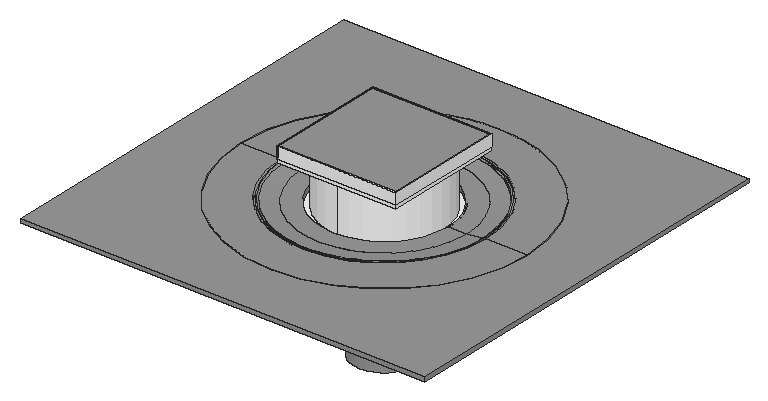
Revit family "HL_RU_Roof drain_HL62BH-B-221103", category Sanitärinstallationen, Revit 2020
Family settings
  Bemaßung runder Anschluss = Durchmesser verwenden
  Teiletyp = Normal
  OmniClass-Nummer = 23.70.50.21.24.14
  OmniClass-Titel = Deck Waste Water Drains
  Arbeitsebenenbasiert = Nein
  Immer vertikal = Ja
  Beim Laden mit Abzugskörper schneiden = Nein
  Gemeinsam genutzt = Nein
  Raumberechnungspunkt = Ja
Parameters (values of type "HL_Кровельная воронка_HL62BH_7")
  РЕШЁТКА = "Edelstahl 137x137mm"
  РАЗМЕР = "DN75"
  ПРОПУСКНАЯ СПОСОБНОСТЬ [instance] = 0.0 L/s
  ПРОИЗВОДИТЕЛЬНОСТЬ = "6,0 l/s"
  ПРАВОВАЯ ИНФОРМАЦИЯ = "Авторские права(©), права на дизайн или какие либо другие права интелектуальной собственности являются исключительной собственностью компании HL Hutterer & Lechner. Изменению не подлежит. Файл семейства с данными о прозводителе изделия защищен паролем с водяным знаком."
  НОМИНАЛЬНЫЙ ДИАМЕТР = 75 mm
  НАСАДКА = "12-65mm/148x148mm"
  МАТЕРИАЛ = "PP"
  МАКСИМАЛЬНАЯ НАГРУЗКА КЛАССА = "K - 300 kg"
  ВЫСОТА МОНТАЖА = "120 mm"
  ВЕС = "2,1 [kg]"
  Vorgabe-Ansicht = 0 mm
  Hersteller = "HL Hutterer & Lechner GmbH"  # constant formula
  URL = "http://www.hutterer-lechner.com/ru/products/catalog/roof-drains/HL62BH/7.aspx"
  Материал плитка [instance] = none
  Lüftungsverbindung = no
  Abwasserrohrverbindung = yes
  HW-Verbindung = no
  KW-Verbindung = no
  Beschreibung = "Кровельные воронки"
  Model = "HL62BH_7"
  Assembly Code = " "
  Typenkommentare = "HL62BH/7 Кровельная воронка DN75 с битумным полотном. Проходная _ 148х148мм/137х137мм.,"
  Keynote = "HL62BH_7"
  Bысота монтажа [instance] = 65 mm
  G [instance] = 180.00°  # constant formula
  EAN = "9003076846221"
  D [instance] = if(НОМИНАЛЬНЫЙ ДИАМЕТР = 160 mm, 64.6 mm, 71.7 mm) + Bысота монтажа  # 136.7 mm
  C [instance] = if(Bысота монтажа - 68 mm < 0 mm, 0 mm, Bысота монтажа - 68 mm)  # 0 mm
  B [instance] = 100 mm  # constant formula
  A [instance] = if(B - 100 mm > 15 mm, B - 100 mm, 15 mm)  # 15 mm
Types (5, lengths in mm): name | РАЗМЕР | НОМИНАЛЬНЫЙ ДИАМЕТР | ВЕС | URL | Model | Typenkommentare | Keynote | EAN | D
  (no name) | "DN75" | 75 | "2,1 [kg]" | "http://www.hutterer-lechner.com/ru/products/catalog/roof-drains/HL62BH/7.aspx" | "HL62BH_7" | "HL62BH/7 Кровельная воронка DN75 с битумным полотном. Проходная _ 148х148мм/137х137мм.," | "HL62BH_7" | "9003076846221" | 136.7
  HL_Кровельная воронка_HL62BH_1 | "DN110" | 110 | "2,08 [kg]" | "http://www.hutterer-lechner.com/ru/products/catalog/roof-drains/HL62BH/1.aspx" | "HL62BH_1" | "HL62BH/1 Кровельная воронка DN110 с битумным полотном. Проходная _ 148х148мм/137х137мм.," | "HL62BH_1" | "9003076816224" | 136.7
  HL_Кровельная воронка_HL62BH_2 | "DN125" | 125 | "2,08 [kg]" | "http://www.hutterer-lechner.com/ru/products/catalog/roof-drains/HL62BH/2.aspx" | "HL62BH_2" | "HL62BH/2 Кровельная воронка DN125 с битумным полотном. Проходная _ 148х148мм/137х137мм.," | "HL62BH_2" | "9003076826223" | 136.7
  HL_Кровельная воронка_HL62BH_5 | "DN160" | 160 | "2,11 [kg]" | "http://www.hutterer-lechner.com/ru/products/catalog/roof-drains/HL62BH/5.aspx" | "HL62BH_5" | "HL62BH/5 Кровельная воронка DN160 с битумным полотном. Проходная _ 148х148мм/137х137мм.," | "HL62BH_5" | "9003076836222" | 129.6
  HL_Кровельная воронка_HL62BH_7 | "DN75" | 75 | "2,1 [kg]" | "http://www.hutterer-lechner.com/ru/products/catalog/roof-drains/HL62BH/7.aspx" | "HL62BH_7" | "HL62BH/7 Кровельная воронка DN75 с битумным полотном. Проходная _ 148х148мм/137х137мм.," | "HL62BH_7" | "9003076846221" | 136.7
Reference planes
  plane 1 "Center (Front/Back)": y = 0
  plane 2: z = 0
  plane 3 "Center (Left/Right)": x = 0
  plane 4: z = -100
  plane 5: z = -65
Lines and regions (mm)
  model lines, style "InvisibleLines"
    curve 1: line (0, 0, 0) -> (0, 0, 20)
  model lines, style "PlumbingFixtures", detail levels coarse+medium
    curve 2: line (0, 0, -100) -> (0, 0, -85)
    curve 3: line (0, 0, -85) -> (-85, 0, 0)
    curve 4: line (0, 0, -85) -> (85, 0, 0)
    curve 6: line (0, 0, -100) -> (0, 0, -236.7)
  reference lines, not visible
    curve 5: line (0, 0, -100) -> (0, 0, -236.7)
  symbolic lines, style "PlumbingFixtures", detail levels coarse+medium
    curve 7: line (-75, 75, 0) -> (75, 75, 0)
    curve 8: line (-75, -75, 0) -> (-75, 75, 0)
    curve 9: line (75, -75, 0) -> (-75, -75, 0)
    curve 10: line (75, 75, 0) -> (75, -75, 0)
    curve 11: line (-75, 75, 0) -> (-145.711, 145.711, 0)
    curve 12: line (75, 75, 0) -> (145.711, 145.711, 0)
    curve 13: line (-75, -75, 0) -> (-145.711, -145.711, 0)
    curve 14: line (75, -75, 0) -> (145.711, -145.711, 0)
  symbolic lines, style "PlumbingFixtures", not visible, detail levels coarse+medium
    curve 15: line (-75, 75, 0) -> (75, 75, 0)
    curve 16: line (-75, -75, 0) -> (-75, 75, 0)
    curve 17: line (75, -75, 0) -> (-75, -75, 0)
    curve 18: line (75, 75, 0) -> (75, -75, 0)
    curve 19: line (-75, 75, 0) -> (-145.711, 145.711, 0)
    curve 20: line (75, 75, 0) -> (145.711, 145.711, 0)
    curve 21: line (-75, -75, 0) -> (-145.711, -145.711, 0)
    curve 22: line (75, -75, 0) -> (145.711, -145.711, 0)
Text (mm)
  text "FLOOR" at (-162.344, 0, -10.979), in view "Drain Construction View"
Dimensions and locks
  "B": plane 2 to plane 4
  "Bысота монтажа": plane 2 to plane 5
  "A": curve 4 to plane 4
  "D": curve 5 to curve 5
  "D": curve 6 to curve 6
  locked: curve 4 to plane 3 "Center (Left/Right)" (angle 45.00°)
  locked: plane 3 "Center (Left/Right)" to curve 3 (angle 45.00°)
  "G": angle curve 5 to plane 3 "Center (Left/Right)"
  aligned and locked: level to plane 2
  aligned and locked: plane 2 to curve 4
  aligned and locked: plane 2 to curve 3
  aligned and locked: plane 4 to curve 5
  aligned and locked: plane 3 "Center (Left/Right)" to curve 5
  aligned and locked: plane 4 to curve 2
  aligned and locked: curve 6 to plane 4
  aligned and locked: plane 3 "Center (Left/Right)" to nested 1
  aligned and locked: plane 5 to nested 2
  aligned and locked: plane 2 to nested 1
  aligned and locked: nested 2 to curve 6
Automatic sketch dimensions
  curve 2 to plane 3 "Center (Left/Right)" = 0 mm
  curve 1 to plane 3 "Center (Left/Right)" = 0 mm
  curve 1 to level = 0 mm
  level to curve 1 = 20 mm
Nested families
  nested 1: "HL_Насадка_HL66.9S" at (0, 0, 0), Bысота монтажа <- "Bысота монтажа", type "HL_Grate frame_HL66.9S"
    with L 93 mm, IHmin 12 mm, IHmax 65 mm, Bысота монтажа 65 mm
  nested 2: "HL_кровельные воронки - корпус_HL62H" at (0, 0, -69.9), НОМИНАЛЬНЫЙ ДИАМЕТР <- "НОМИНАЛЬНЫЙ ДИАМЕТР", type "HL_кровельные воронки - корпус_HL62H"
    with НОМИНАЛЬНЫЙ ДИАМЕТР 75 mm, L 65 mm
Connectors
  piping at (0, 0, -236.7), diameter 75, driven by "ПРОПУСКНАЯ СПОСОБНОСТЬ", driven by "НОМИНАЛЬНЫЙ ДИАМЕТР"
    settings: on curve 5, index 1, connector inside diameter 609.6 mm, connector length 0 mm, flow factor 0, pipe flow 0.0 L/s, pressure drop 0.0 Pa, fitting loss kfactor 0, connector angle 0.00°, fixture units 0, engagement length 0 mm, angle of deflection 0.00°, flow configuration 1, flow direction 2, fitting loss method 0, system type 16, joint type 0, gender type 0, connector reference index -1, connector utility 0, adjustable connector yes, is connector primary yes, connector description ""
Definition of nested family "HL_Насадка_HL66.9S"
  Parameters (values of type "HL_Grate frame_HL66.9S")
    РЕШЁТКА = "Edelstahl 138x138mm"
    РАЗМЕР = "d 145 mm"
    ПРАВОВАЯ ИНФОРМАЦИЯ = "Авторские права(©), права на дизайн или какие либо другие права интелектуальной собственности являются исключительной собственностью компании HL Hutterer & Lechner. Изменению не подлежит. Файл семейства с данными о прозводителе изделия защищен паролем с водяным знаком."
    НАСАДКА = "147x147mm"
    МАТЕРИАЛ = "PP"
    МАКСИМАЛЬНАЯ НАГРУЗКА КЛАССА = "K - 300 kg"
    ВЫСОТА МОНТАЖА = "12-65mm"
    Материал плитка = none
    ВЕС = "0,345 [kg]"
    Default Elevation = 0 mm
    L [instance] = if(Bысота монтажа < IHmin, -100 mm, if(Bысота монтажа > IHmax, -100 mm, Bысота монтажа + 28 mm))  # 93 mm
    Manufacturer = "HL Hutterer & Lechner GmbH"
    URL = "http://www.hutterer-lechner.com/ru/products/catalog/roof-drains/HL66.9.aspx"
    Description = "Кровельные воронки"
    Model = "HL66.9"
    Type Comments = "HL66.9, Насадка d 145мм с бороздками/147х147мм/138х138мм"
    Keynote = "HL66.9"
    Bысота монтажа [instance] = 65 mm
    IHmin [instance] = 12 mm
    IHmax [instance] = 65 mm
    EAN = "9003076014606"
    Cost = 0
  Reference planes
    plane 1 "Střed (vpředu/vzadu)": y = 0
    plane 2: z = 0
    plane 3 "Střed (vlevo/vpravo)": x = 0
  Forms (mm)
    Revolve 1, solid, detail levels fine
      sketch origin (0, 0, 128) x (0, 1, 0) y (0, 0, 1)
        loop
          line (72.5, -142) -> (69.248, -142) -> (69.248, -221) -> (72.5, -221) -> (72.5, -142)
        axis (0, -142) -> (0, -221)
      angle from 0 to 360
    Extrusion 2, solid, detail levels fine
      sketch origin (-1.537, 0, -14.6) x (0, 1, 0) y (-1, 0, 0)
        loop
          line (74, 72.459) -> (-74, 72.459) -> (-74, -75.537) -> (74, -75.537) -> (74, 72.459)
        loop
          line (73, 71.463) -> (-73, 71.463) -> (-73, -74.537) -> (73, -74.537) -> (73, 71.463)
      from 0.6 to 14.6
    Extrusion 3, solid, detail levels fine
      sketch origin (-1.537, 0, -14) x (-1, 0, 0) y (0, 1, 0)
        loop
          line (71.463, 73) -> (-74.537, 73) -> (-74.537, -73) -> (71.463, -73) -> (71.463, 73)
        loop
          circle (-1.537, 0) r 72.5
      from 0 to 5
    Extrusion 4, solid, detail levels fine
      sketch origin (-1.537, 0, -14) x (-1, 0, 0) y (0, -1, 0)
        loop
          line (70.95, -72.397) -> (70.95, 72.463) -> (-74.05, 72.463) -> (-74.05, -72.397) -> (70.95, -72.397)
      from 0 to 14
    Revolve 5, solid, detail levels fine
      sketch origin (0, 75.989, -93) x (0, -1, 0) y (0, 0, -1)
        loop
          line (3.489, -20) -> (3.489, 0) -> (0.186, 0) -> (-2.325, -2.511) -> (-2.325, -20) -> (3.489, -20)
        axis (75.989, -20) -> (75.989, 0)
      angle from 0 to 360
  Lines and regions (mm)
    model lines, detail levels fine
      curve 1: line (36.25, 24.325, 0) -> (36.25, -24.42, 0)
      curve 2: line (43.75, -24.42, 0) -> (43.75, 24.325, 0)
      curve 3: line (52.25, 40.306, 0) -> (52.25, -40.355, 0)
      curve 4: line (59.75, -40.355, 0) -> (59.75, 40.306, 0)
      curve 5: line (20.25, 8.588, 0) -> (20.25, -8.684, 0)
      curve 6: line (27.75, -8.684, 0) -> (27.75, 8.588, 0)
      curve 7: arc (27.75, 8.588, 0) -> (24, 12.338, 0) -> (20.25, 8.588, 0) r 3.75
      curve 8: arc (20.25, -8.684, 0) -> (24, -12.434, 0) -> (27.75, -8.684, 0) r 3.75
      curve 9: arc (36.25, -24.42, 0) -> (40, -28.17, 0) -> (43.75, -24.42, 0) r 3.75
      curve 10: arc (43.75, 24.325, 0) -> (40, 28.075, 0) -> (36.25, 24.325, 0) r 3.75
      curve 11: arc (59.75, 40.306, 0) -> (56, 44.056, 0) -> (52.25, 40.306, 0) r 3.75
      curve 12: arc (52.25, -40.355, 0) -> (56, -44.105, 0) -> (59.75, -40.355, 0) r 3.75
      curve 13: line (-24.325, -36.25, 0) -> (24.42, -36.25, 0)
      curve 14: line (24.42, -43.75, 0) -> (-24.325, -43.75, 0)
      curve 15: line (-40.306, -52.25, 0) -> (40.355, -52.25, 0)
      curve 16: line (40.355, -59.75, 0) -> (-40.306, -59.75, 0)
      curve 17: line (-8.588, -20.25, 0) -> (8.684, -20.25, 0)
      curve 18: line (8.684, -27.75, 0) -> (-8.588, -27.75, 0)
      curve 19: arc (-8.588, -27.75, 0) -> (-12.338, -24, 0) -> (-8.588, -20.25, 0) r 3.75
      curve 20: arc (8.684, -20.25, 0) -> (12.434, -24, 0) -> (8.684, -27.75, 0) r 3.75
      curve 21: arc (24.42, -36.25, 0) -> (28.17, -40, 0) -> (24.42, -43.75, 0) r 3.75
      curve 22: arc (-24.325, -43.75, 0) -> (-28.075, -40, 0) -> (-24.325, -36.25, 0) r 3.75
      curve 23: arc (-40.306, -59.75, 0) -> (-44.056, -56, 0) -> (-40.306, -52.25, 0) r 3.75
      curve 24: arc (40.355, -52.25, 0) -> (44.105, -56, 0) -> (40.355, -59.75, 0) r 3.75
      curve 25: line (36.25, -24.42, 0) -> (36.25, 24.325, 0)
      curve 26: line (43.75, 24.325, 0) -> (43.75, -24.42, 0)
      curve 27: line (52.25, -40.355, 0) -> (52.25, 40.306, 0)
      curve 28: line (59.75, 40.306, 0) -> (59.75, -40.355, 0)
      curve 29: line (20.25, -8.684, 0) -> (20.25, 8.588, 0)
      curve 30: line (27.75, 8.588, 0) -> (27.75, -8.684, 0)
      curve 31: arc (27.75, -8.588, 0) -> (24, -12.338, 0) -> (20.25, -8.588, 0) r 3.75
      curve 32: arc (20.25, 8.684, 0) -> (24, 12.434, 0) -> (27.75, 8.684, 0) r 3.75
      curve 33: arc (36.25, 24.42, 0) -> (40, 28.17, 0) -> (43.75, 24.42, 0) r 3.75
      curve 34: arc (43.75, -24.325, 0) -> (40, -28.075, 0) -> (36.25, -24.325, 0) r 3.75
      curve 35: arc (59.75, -40.306, 0) -> (56, -44.056, 0) -> (52.25, -40.306, 0) r 3.75
      curve 36: arc (52.25, 40.355, 0) -> (56, 44.105, 0) -> (59.75, 40.355, 0) r 3.75
      curve 37: line (24.42, -36.25, 0) -> (-24.325, -36.25, 0)
      curve 38: line (-24.325, -43.75, 0) -> (24.42, -43.75, 0)
      curve 39: line (40.355, -52.25, 0) -> (-40.306, -52.25, 0)
      curve 40: line (-40.306, -59.75, 0) -> (40.355, -59.75, 0)
      curve 41: line (8.684, -20.25, 0) -> (-8.588, -20.25, 0)
      curve 42: line (-8.588, -27.75, 0) -> (8.684, -27.75, 0)
      curve 43: arc (8.588, -27.75, 0) -> (12.338, -24, 0) -> (8.588, -20.25, 0) r 3.75
      curve 44: arc (-8.684, -20.25, 0) -> (-12.434, -24, 0) -> (-8.684, -27.75, 0) r 3.75
      curve 45: arc (-24.42, -36.25, 0) -> (-28.17, -40, 0) -> (-24.42, -43.75, 0) r 3.75
      curve 46: arc (24.325, -43.75, 0) -> (28.075, -40, 0) -> (24.325, -36.25, 0) r 3.75
      curve 47: arc (40.306, -59.75, 0) -> (44.056, -56, 0) -> (40.306, -52.25, 0) r 3.75
      curve 48: arc (-40.355, -52.25, 0) -> (-44.105, -56, 0) -> (-40.355, -59.75, 0) r 3.75
      curve 49: line (-36.25, 24.325, 0) -> (-36.25, -24.325, 0)
      curve 50: line (-43.75, -24.325, 0) -> (-43.75, 24.325, 0)
      curve 51: line (-52.25, 40.306, 0) -> (-52.25, -40.306, 0)
      curve 52: line (-59.75, -40.306, 0) -> (-59.75, 40.306, 0)
      curve 53: line (-20.25, 8.588, 0) -> (-20.25, -8.588, 0)
      curve 54: line (-27.75, -8.684, 0) -> (-27.75, 8.588, 0)
      curve 55: arc (-27.75, 8.588, 0) -> (-24, 12.338, 0) -> (-20.25, 8.588, 0) r 3.75
      curve 56: arc (-20.25, -8.684, 0) -> (-24, -12.434, 0) -> (-27.75, -8.684, 0) r 3.75
      curve 57: arc (-43.75, 24.325, 0) -> (-40, 28.075, 0) -> (-36.25, 24.325, 0) r 3.75
      curve 58: arc (-59.75, 40.306, 0) -> (-56, 44.056, 0) -> (-52.25, 40.306, 0) r 3.75
      curve 59: line (-36.25, -24.325, 0) -> (-36.25, 24.325, 0)
      curve 60: line (-43.75, 24.325, 0) -> (-43.75, -24.325, 0)
      curve 61: line (-52.25, -40.306, 0) -> (-52.25, 40.306, 0)
      curve 62: line (-59.75, 40.306, 0) -> (-59.75, -40.306, 0)
      curve 63: line (-20.25, -8.588, 0) -> (-20.25, 8.588, 0)
      curve 64: line (-27.75, 8.588, 0) -> (-27.75, -8.684, 0)
      curve 65: arc (-27.75, -8.588, 0) -> (-24, -12.338, 0) -> (-20.25, -8.588, 0) r 3.75
      curve 66: arc (-20.25, 8.684, 0) -> (-24, 12.434, 0) -> (-27.75, 8.684, 0) r 3.75
      curve 67: arc (-36.25, 24.42, 0) -> (-40, 28.17, 0) -> (-43.75, 24.42, 0) r 3.75
      curve 68: arc (-43.75, -24.325, 0) -> (-40, -28.075, 0) -> (-36.25, -24.325, 0) r 3.75
      curve 69: arc (-59.75, -40.306, 0) -> (-56, -44.056, 0) -> (-52.25, -40.306, 0) r 3.75
      curve 70: arc (-52.25, 40.355, 0) -> (-56, 44.105, 0) -> (-59.75, 40.355, 0) r 3.75
      curve 71: line (-24.42, 36.25, 0) -> (24.325, 36.25, 0)
      curve 72: line (24.42, 43.75, 0) -> (-24.42, 43.75, 0)
      curve 73: line (-40.355, 52.25, 0) -> (40.306, 52.25, 0)
      curve 74: line (40.306, 59.75, 0) -> (-40.355, 59.75, 0)
      curve 75: line (-8.588, 20.25, 0) -> (8.588, 20.25, 0)
      curve 76: line (8.684, 27.75, 0) -> (-8.588, 27.75, 0)
      curve 77: arc (-8.588, 27.75, 0) -> (-12.338, 24, 0) -> (-8.588, 20.25, 0) r 3.75
      curve 78: arc (8.684, 20.25, 0) -> (12.434, 24, 0) -> (8.684, 27.75, 0) r 3.75
      curve 79: arc (24.42, 36.25, 0) -> (28.17, 40, 0) -> (24.42, 43.75, 0) r 3.75
      curve 80: line (24.325, 36.25, 0) -> (-24.42, 36.25, 0)
      curve 81: line (-24.42, 43.75, 0) -> (24.42, 43.75, 0)
      curve 82: line (40.306, 52.25, 0) -> (-40.355, 52.25, 0)
      curve 83: line (-40.355, 59.75, 0) -> (40.306, 59.75, 0)
      curve 84: line (8.588, 20.25, 0) -> (-8.588, 20.25, 0)
      curve 85: line (-8.588, 27.75, 0) -> (8.684, 27.75, 0)
      curve 86: arc (8.588, 27.75, 0) -> (12.338, 24, 0) -> (8.588, 20.25, 0) r 3.75
      curve 87: arc (-8.684, 20.25, 0) -> (-12.434, 24, 0) -> (-8.684, 27.75, 0) r 3.75
      curve 88: arc (-24.42, 36.25, 0) -> (-28.17, 40, 0) -> (-24.42, 43.75, 0) r 3.75
      curve 89: arc (24.325, 43.75, 0) -> (28.075, 40, 0) -> (24.325, 36.25, 0) r 3.75
      curve 90: arc (40.306, 59.75, 0) -> (44.056, 56, 0) -> (40.306, 52.25, 0) r 3.75
      curve 91: arc (-40.355, 52.25, 0) -> (-44.105, 56, 0) -> (-40.355, 59.75, 0) r 3.75
    reference lines
      curve 92: line (0, 75.989, -93) -> (0, -174.011, -93)
  Dimensions and locks
    Extrusion 2 sketch curve to Extrusion 2 sketch curve = 147.996 mm
    Extrusion 2 sketch curve to Extrusion 2 sketch curve = 148 mm
    "L": curve 92 to plane 2
    aligned and locked: level to plane 2
    aligned and locked: Revolve 1 to curve 92
  Automatic sketch dimensions
    plane 1 "Střed (vpředu/vzadu)" to Extrusion 2 sketch curve = 74 mm
    Extrusion 2 sketch curve to Extrusion 2 sketch curve = 1 mm  (x3)
    plane 3 "Střed (vlevo/vpravo)" to Extrusion 2 sketch curve = 74 mm
    Extrusion 2 sketch curve to Extrusion 2 sketch curve = 0.996 mm
    Extrusion 3 sketch curve to Extrusion 2 = 0 mm  (x4)
    Extrusion 3 sketch curve to Extrusion 2 = 73 mm  (x2)
    Extrusion 2 to curve 16 = 13.25 mm
    curve 24 to curve 47 = 3.75 mm
    curve 47 to curve 24 = 0 mm
    curve 48 to curve 23 = 0 mm  (x2)
    curve 23 to curve 38 = 8.5 mm
    curve 24 to curve 12 = 11.895 mm
    curve 12 to curve 35 = 0.048 mm
    curve 15 to curve 69 = 11.944 mm
    curve 22 to curve 45 = 3.75 mm
    curve 21 to curve 46 = 3.75 mm
    curve 46 to curve 21 = 0 mm
    curve 22 to curve 18 = 8.5 mm
    curve 21 to curve 9 = 11.83 mm
    curve 13 to curve 49 = 11.925 mm
    curve 9 to curve 34 = 0.095 mm
    curve 18 to curve 19 = 3.75 mm
    curve 44 to curve 19 = 0 mm  (x2)
    curve 43 to curve 20 = 0 mm
    curve 20 to curve 5 = 11.566 mm
    curve 49 to curve 64 = 15.642 mm
    curve 8 to curve 31 = 0.095 mm
    curve 56 to curve 53 = 0.095 mm
    curve 65 to curve 64 = 17.177 mm
    curve 31 to curve 29 = 17.177 mm
    curve 7 to curve 32 = 0.095 mm
    curve 55 to curve 66 = 0.095 mm
    curve 32 to curve 84 = 11.566 mm
    curve 86 to curve 78 = 3.75 mm
    curve 86 to curve 78 = 0 mm
    curve 77 to curve 87 = 3.75 mm
    curve 87 to curve 77 = 0 mm  (x2)
    curve 66 to curve 60 = 15.642 mm
    curve 32 to curve 26 = 15.642 mm
    curve 10 to curve 33 = 0.095 mm
    curve 57 to curve 67 = 0.095 mm
    curve 33 to curve 71 = 11.83 mm
    curve 89 to curve 89 = 3.75 mm
    curve 88 to curve 88 = 3.75 mm
    curve 89 to curve 79 = 0 mm
    curve 33 to curve 11 = 15.886 mm
    curve 67 to curve 51 = 15.886 mm
    curve 58 to curve 70 = 0.048 mm
    curve 11 to curve 36 = 0.048 mm
    curve 70 to curve 73 = 11.895 mm
    curve 90 to curve 90 = 3.75 mm
    Extrusion 2 to curve 28 = 13.25 mm
    curve 4 to curve 11 = 3.75 mm
    curve 35 to curve 12 = 0 mm
    curve 36 to curve 11 = 0 mm
    curve 3 to curve 2 = 8.5 mm
    curve 3 to curve 39 = 11.895 mm
    curve 11 to curve 83 = 11.944 mm
    curve 24 to curve 47 = 0.048 mm
    curve 26 to curve 9 = 3.75 mm
    curve 33 to curve 10 = 0 mm
    curve 34 to curve 9 = 0 mm
    curve 34 to curve 30 = 8.5 mm
    curve 90 to curve 72 = 15.886 mm
    curve 1 to curve 21 = 11.83 mm
    curve 79 to curve 80 = 0.095 mm
    curve 21 to curve 46 = 0.095 mm
    curve 6 to curve 32 = 3.75 mm
    curve 6 to curve 8 = 3.75 mm
    curve 31 to curve 8 = 0 mm
    curve 29 to curve 17 = 11.566 mm
    curve 7 to curve 78 = 11.566 mm
    curve 78 to curve 86 = 0.095 mm
    curve 20 to curve 43 = 0.095 mm
    curve 43 to curve 41 = 17.177 mm
    curve 86 to curve 77 = 17.177 mm
    curve 19 to curve 44 = 0.095 mm
    curve 77 to curve 87 = 0.095 mm
    curve 87 to curve 53 = 11.566 mm
    curve 53 to curve 66 = 3.75 mm
    curve 55 to curve 66 = 0 mm
    curve 56 to curve 54 = 3.75 mm
    curve 65 to curve 56 = 0 mm
    curve 44 to curve 14 = 15.642 mm
    curve 22 to curve 45 = 0.095 mm
    curve 87 to curve 72 = 15.736 mm
    curve 45 to curve 59 = 11.83 mm
    curve 57 to curve 67 = 3.75 mm
    curve 68 to curve 68 = 3.75 mm
    curve 45 to curve 15 = 15.886 mm
    curve 23 to curve 48 = 0.048 mm
    curve 72 to curve 74 = 15.935 mm
    curve 91 to curve 51 = 11.895 mm
    curve 51 to curve 70 = 3.75 mm
    curve 51 to curve 69 = 3.75 mm
    curve 45 to curve 22 = 0 mm
    curve 36 to curve 28 = 0 mm
    curve 33 to curve 2 = 0 mm
    curve 32 to curve 30 = 0 mm
    curve 66 to curve 55 = 0 mm
    curve 67 to curve 57 = 0 mm
    curve 70 to curve 51 = 0 mm
    Extrusion 4 sketch curve to Extrusion 3 = 0.487 mm
    Extrusion 4 sketch curve to Extrusion 3 = 0.513 mm
    Extrusion 4 sketch curve to Extrusion 3 = 0.603 mm
    Extrusion 4 sketch curve to Extrusion 3 = 0.537 mm
    Revolve 1 sketch curve to plane 1 "Střed (vpředu/vzadu)" = 0 mm
    Revolve 1 sketch curve to level = 14 mm
    Revolve 1 sketch curve to plane 1 "Střed (vpředu/vzadu)" = 69.248 mm
    Revolve 1 sketch curve to Revolve 1 sketch curve = 3.252 mm
    Revolve 1 sketch curve to Revolve 1 sketch curve = 79 mm
    Revolve 1 sketch curve to Revolve 1 sketch curve = 17.5 mm
    level to Revolve 1 sketch curve = 144.5 mm
    Revolve 5 sketch curve to curve 92 = 0 mm
    Revolve 5 sketch curve to curve 92 = 2.325 mm
    curve 92 to Revolve 5 sketch curve = 0.186 mm
    curve 92 to Revolve 5 sketch curve = 3.489 mm
    Revolve 5 sketch curve to curve 92 = 2.511 mm
    Revolve 5 sketch curve to curve 92 = 20 mm
    curve 92 to Revolve 5 sketch curve = 75.989 mm
    Revolve 5 sketch curve to curve 92 = 393 mm
    curve 92 to Revolve 5 sketch curve = 207 mm
    plane 1 "Střed (vpředu/vzadu)" to curve 92 = 174.011 mm
    curve 92 to plane 1 "Střed (vpředu/vzadu)" = 75.989 mm
    radius of Extrusion 3 sketch curve = 72.5 mm
Definition of nested family "HL_кровельные воронки - корпус_HL62H"
  Parameters (values of type "HL_кровельные воронки - корпус_HL62H")
    НОМИНАЛЬНЫЙ ДИАМЕТР [instance] = 75 mm
    Default Elevation = 0 mm
    Manufacturer = ""
    URL = ""
    Description = ""
    Model = ""
    L [instance] = if(НОМИНАЛЬНЫЙ ДИАМЕТР = 160 mm, 57.9 mm, 65 mm)  # 65 mm
    Type Comments = ""
    Cost = 0
  Reference planes
    plane 1 "Střed (vpředu/vzadu)": y = 0
    plane 2: z = 0
    plane 3 "Střed (vlevo/vpravo)": x = 0
    plane 4: z = -102
  Forms (mm)
    Revolve 1, solid, detail levels fine
      sketch origin (0, 0, 0) x (1, 0, 0) y (0, 0, 1)
        loop
          line (-177, -3) -> (-127.89, -3) -> (-105.416, -11.18) -> (-85.028, -11.18) -> (-85.028, -29.56) -> (-81.899, -29.56) -> (-79.985, -31.474) -> (-79.985, -102) -> (0, -102) -> (0, -25.8) -> (-75.044, -25.8) -> (-75.044, -20.618) -> (-79.171, -20.618) -> (-79.171, -4.05) -> (-102.851, -4.05) -> (-126.892, 4.7) -> (-177, 4.7) -> (-177, -3)
        axis (0, 4.7) -> (0, -102)
      angle from 0 to 360
    Extrusion 2, solid, detail levels fine
      sketch origin (0, 0, 0) x (1, 0, 0) y (0, 1, 0)
        loop
          line (-250, 250) -> (-250, -250) -> (250, -250) -> (250, 250) -> (-250, 250)
        loop
          circle (0, 0) r 177
      from 0 to 4.7
    Revolve 3, solid, detail levels fine
      sketch origin (0, 0, 0) x (1, 0, 0) y (0, 0, 1)
        loop
          line (-123.627, 4.9) -> (-124.52, 4.9) -> (-123.816, 3.629) -> (-121.372, 2.756) -> (-101.806, 0.7) -> (-80.171, 0.7) -> (-80.171, -4.05) -> (-79.171, -4.05) -> (-79.171, 1.7) -> (-101.754, 1.7) -> (-122.045, 3.833) -> (-123.627, 4.9)
        axis (0, 4.9) -> (0, -4.05)
      angle from 0 to 360
    Extrusion 4, solid, detail levels fine
      sketch origin (-79.985, -1524, -102) x (-1, 0, 0) y (0, -1, 0)
        loop
          circle (-79.985, -1524) r 37.5
      from 0 to -65
  Dimensions and locks
    "L": plane 4 to Extrusion 4
    "НОМИНАЛЬНЫЙ ДИАМЕТР": diameter of Extrusion 4 sketch curve
    aligned and locked: level to plane 2
  Automatic sketch dimensions
    plane 1 "Střed (vpředu/vzadu)" to Extrusion 2 sketch curve = 0 mm
    Extrusion 2 sketch curve to plane 3 "Střed (vlevo/vpravo)" = 0 mm
    Extrusion 2 sketch curve to plane 3 "Střed (vlevo/vpravo)" = 250 mm
    plane 3 "Střed (vlevo/vpravo)" to Extrusion 2 sketch curve = 250 mm
    plane 1 "Střed (vpředu/vzadu)" to Extrusion 2 sketch curve = 250 mm
    Extrusion 2 sketch curve to plane 1 "Střed (vpředu/vzadu)" = 250 mm
    Revolve 3 sketch curve to plane 3 "Střed (vlevo/vpravo)" = 0 mm
    Revolve 3 sketch curve to level = 4.05 mm
    Revolve 3 sketch curve to plane 3 "Střed (vlevo/vpravo)" = 79.171 mm
    Revolve 3 sketch curve to Revolve 3 sketch curve = 1 mm
    level to Revolve 3 sketch curve = 1.7 mm
    Revolve 3 sketch curve to Revolve 3 sketch curve = 21.583 mm
    Revolve 3 sketch curve to Revolve 3 sketch curve = 0.052 mm
    level to Revolve 3 sketch curve = 2.756 mm
    Revolve 3 sketch curve to Revolve 3 sketch curve = 19.618 mm
    level to Revolve 3 sketch curve = 3.833 mm
    Revolve 3 sketch curve to Revolve 3 sketch curve = 0.673 mm
    Revolve 3 sketch curve to Revolve 3 sketch curve = 1.582 mm
    level to Revolve 3 sketch curve = 3.629 mm
    Revolve 3 sketch curve to Revolve 3 sketch curve = 0.189 mm
    Revolve 3 sketch curve to Revolve 3 sketch curve = 0.893 mm
    level to Revolve 3 sketch curve = 0.7 mm
    Revolve 3 sketch curve to Revolve 3 sketch curve = 1.271 mm
    Revolve 3 sketch curve to level = 63.3 mm
    level to Revolve 3 sketch curve = 41.7 mm
    Revolve 1 sketch curve to plane 4 = 0 mm
    Revolve 1 sketch curve to plane 3 "Střed (vlevo/vpravo)" = 0 mm  (x2)
    Revolve 1 sketch curve to Revolve 1 sketch curve = 4.127 mm
    Revolve 1 sketch curve to level = 31.474 mm
    Revolve 1 sketch curve to level = 29.56 mm
    Revolve 1 sketch curve to Revolve 1 sketch curve = 1.914 mm
    Revolve 1 sketch curve to Revolve 1 sketch curve = 5.857 mm
    Revolve 1 sketch curve to level = 4.05 mm
    Revolve 1 sketch curve to Revolve 1 sketch curve = 17.824 mm
    Revolve 1 sketch curve to Revolve 1 sketch curve = 2.565 mm
    level to Revolve 1 sketch curve = 4.7 mm
    Revolve 1 sketch curve to Revolve 1 sketch curve = 24.04 mm
    Revolve 1 sketch curve to level = 3 mm
    Revolve 1 sketch curve to Revolve 1 sketch curve = 0.999 mm
    Revolve 1 sketch curve to Revolve 1 sketch curve = 49.11 mm
    Revolve 1 sketch curve to Revolve 1 sketch curve = 5.182 mm
    Revolve 1 sketch curve to Revolve 1 sketch curve = 7.13 mm
    Revolve 1 sketch curve to plane 4 = 198 mm
    level to Revolve 1 sketch curve = 295.621 mm
    Revolve 1 sketch curve to Revolve 1 sketch curve = 5.674 mm
    Revolve 1 sketch curve to plane 3 "Střed (vlevo/vpravo)" = 75.044 mm
    Revolve 1 sketch curve to Revolve 1 sketch curve = 5.043 mm
    plane 1 "Střed (vpředu/vzadu)" to Extrusion 4 sketch curve = 0 mm
    Extrusion 4 sketch curve to plane 3 "Střed (vlevo/vpravo)" = 0 mm
    radius of Extrusion 2 sketch curve = 177 mm
